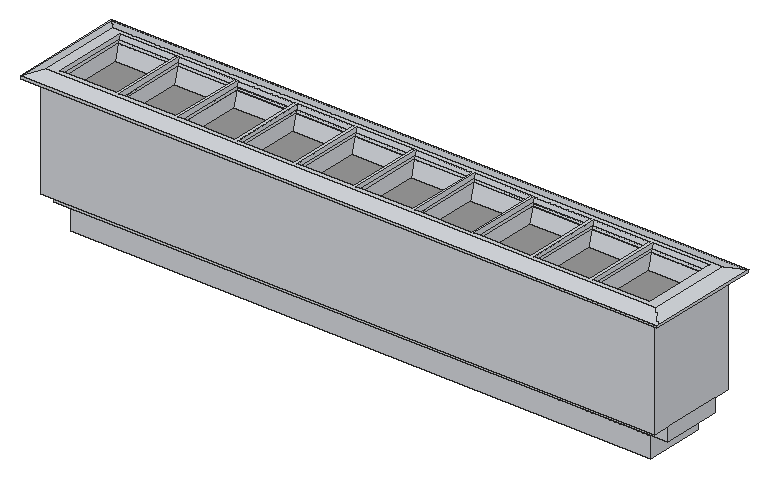
Revit family "2061449 Sylvania Lighting Fixture DOMINO 10xLED 940 BLACK NB TRIM WHITE DALI", category Lighting Fixtures, host Face, Revit 2018
Family settings
  Host = Face
  Round Connector Dimension = Use Diameter
  Part Type = Normal
  OmniClass Number = 23.80.70.00
  OmniClass Title = Lighting
  Cut with Voids When Loaded = No
  Light Source = Yes
  Shared = No
  Room Calculation Point = No
Parameters (values of type "2061449 DOMINO 10XLED 940 BLACK NB TR WHT DALI")
  top top width = 15.812 mm
  top top length = 255 mm
  Width = 50 mm
  Weight = "n/a"
  Wattage Comments = ""
  Wattage = 9.2903 W
  WarrantyStartDate [instance] = "n/a"
  WarrantyGuarantorParts = "n/a"
  WarrantyDurationUnit = "n/a"
  WarrantyDurationParts = ""
  WarrantyDescription = "http://www.sylvania-lighting.com"
  built-in parameter 1150110 = 1 (stored number, unit not read)
  Voltage = 0 V
  URL = "0.96"
  TypeName = "DOMINO 10xLED 940 BLACK NB TRIM WHITE DALI"
  Type Image = <None>
  Type Comments = "n/a"
  built-in parameter 1114217 = 1 (stored number, unit not read)
  Top Width = 26 mm
  Tilt Angle = 90.00°
  built-in parameter 1150109 = 1 (stored number, unit not read)
  built-in parameter 1150134 = 3
  built-in parameter 1150113 = 1 (stored number, unit not read)
  SerialNumber [instance] = "n/a"
  Recessed Width = 43 mm
  Recessed Length = 276 mm
  Photometric Web File = "2061449.ies"
  Material_3_FEILO = none
  PowerFactor = 0
  PowerConsumption = "Lighting"
  NominalLength = 50 mm
  NominalHeight = 0 mm
  NominalDepth = 0 mm
  Name = "DOMINO 10xLED 940 BLACK NB TRIM WHITE DALI"
  ModelReference = Name  # "DOMINO 10xLED 940 BLACK NB TRIM WHITE DALI"
  ModelNumber = "2061449"
  Model = Name  # "DOMINO 10xLED 940 BLACK NB TRIM WHITE DALI"
  Material = "Feilo Sylvania"
  ManufacturerName = "74 lm/W"
  Manufacturer = ""
  LuminousEfficacy = ""
  built-in parameter 1150105 = 109.82 (stored number, unit not read)
  Lumens = 1380 lm
  LuminaireType = "0"
  built-in parameter 1150115 = 1 (stored number, unit not read)
  LightOutputRatio = "LED"
  built-in parameter 1150137 = (empty or 0)
  built-in parameter 1150139 = (empty or 0)
  Lens inside recess = 25 mm
  Lens Width = 32 mm
  Lens Outside recess = 31.978 mm
  Lens = Glass, White, High Luminance
  Length = 280 mm
  LampsType = Lamp  # "n/a"
  LampNominalLuminous = "4000 K"
  LampMacAdamStep = "90"
  LampColourTemperature = "LED"
  LampColourRenderingIndex = "16500"
  built-in parameter 1150112 = 1 (stored number, unit not read)
  built-in parameter 1150114 = 1 (stored number, unit not read)
  Lamp = "n/a"
  Keynote = "n/a"
  InstallationDate [instance] = "n/a"
  InputVoltage = "0"
  InputNominalFrequency = "4000"
  built-in parameter 1150132 = (empty or 0)
  built-in parameter 1150102 = (empty or 0)
  built-in parameter 1150107 = 3200 (stored number, unit not read)
  built-in parameter 1150138 = (empty or 0)
  IngressProtection = "IfcLightFixtureType"
  ImpactProtectionIndex = "IfcLightFixtureType"
  built-in parameter 1150106 = 1.0982 (stored number, unit not read)
  IfcExportType = "IfcLightFixtureType"
  IfcExportAs = "Class II"
  Facia internal width = 37 mm
  Facia internal length = 268 mm
  Facia Height = 2 mm
  ExpectedLife = 50000
  Emit from Circle Diameter = 609.6 mm
  Emit Shape Visible in Rendering = no
  ElectricShockClassification = "74"
  built-in parameter 1150104 = 13.8 (stored number, unit not read)
  DurationUnit = "hours"
  DocumentationLiterature = "http://www.sylvania-lighting.com/product/en-int/products/2061449"
  DimmingControlOptions = "n/a"
  Material_2_FEILO = none
  Dimming Lamp Color Temperature Shift = <None>
  Description = "Modular LED recessed linear spotlight, ideal for retail and hospitality applications. Die-cast aluminium body, passive cooling. Two levels of reflector installation, low glaring UGR<16. 10x LED source, 15° beam angle , optics: PMMA lens and polycarbonate reflector combination, Black matt reflector finish. Light color temperature: 4000K neutral white, total system power: 23W , total fixture lumen output: 1700lm, efficacy: 74 lm/W, Ra90 typical, LED chromacity: 3 step MacAdam ellipse (SDCM3), lifespan: 96,000 hours at 90% of the original output (L90B10), IR/UV free light source without heat radiation, operating voltage: 220-240V / 50-60Hz, electronic driver, ultra low flicker, DALI , electrical protection: Class II. Degree of Protection: IP40/IP20, suitable for indoor environment only. Ceiling cut-out: 43x43mm, outer dimensions:  280x50mm trim frame RAL 9016 - Traffic white / Bezel color.5 years Warranty."
  Default Elevation = 1219.2 mm
  CreatedOn = "11/02/2021"
  CreatedBy = "@sylvania-lighting.com"
  Cost = 0
  Color Filter = 16777215
  built-in parameter 1114216 [instance] = (empty or 0)
  ClassificationValue = "EF_70_80"
  ClassificationName = "Uniclass2015"
  Material_1_FEILO = none
  Body Width = 40 mm
  Body Length = 270 mm
  BarCode [instance] = "n/a"
  built-in parameter 1114218 = 1 (stored number, unit not read)
  built-in parameter 1150133 = 10 (stored number, unit not read)
  AssetType = "Fixed"
  AssetIdentifier [instance] = "n/a"
  Assembly Code = "D5020200"
  Apparent Load = 23 VA
  Material_4_FEILO = none
Reference planes
  plane 1 "Center (Front/Back)": y = 0
  plane 2: z = 0
  plane 3 "Center (Left/Right)": x = 0
  plane 4: z = 0
  plane 5: z = -7
  plane 6: z = -45.895
  plane 7: z = -51.895
  plane 8: z = -60.895
  plane 9: x = -138
  plane 10: x = 138
  plane 11: y = 21.5
  plane 12: y = -21.5
  plane 13: x = -140
  plane 14: x = 140
  plane 15: y = 25
  plane 16: y = -25
  plane 17: x = 134
  plane 18: x = -134
  plane 19: y = 18.5
  plane 20: y = -18.5
  plane 21: z = 2
  plane 22: x = -135
  plane 23: x = 135
  plane 24: y = 20
  plane 25: y = -20
  plane 26: y = 13
  plane 27: y = -13
  plane 28: x = 127.5
  plane 29: x = -127.5
  plane 30: x = -132
  plane 31: y = 16.5
  plane 32: y = -16.472
  plane 33: y = 13
  plane 34: y = -12.972
  plane 35: x = 129.7
  plane 36: x = 127.224
Forms (mm)
  Extrusion 1, solid, not visible, detail levels medium+fine
    sketch origin (4.2, 0, 0) x (1, 0, 0) y (0, 1, 0)
      loop
        line (-29.2, 34.5) -> (-29.2, -34.5) -> (20.8, -34.5) -> (20.8, 34.5) -> (-29.2, 34.5)
    from 0 to 1
  Extrusion 2, solid, not visible, detail levels medium+fine
    sketch origin (4.044, 0, 0) x (1, 0, 0) y (0, 1, 0)
      loop
        line (-29.2, 34.5) -> (-29.2, -34.5) -> (20.8, -34.5) -> (20.8, 34.5) -> (-29.2, 34.5)
    from 0 to 1
  Blend 3, solid, not visible, detail levels medium+fine
    base sketch origin (4.2, 0, 0) x (1, 0, 0) y (0, 1, 0)
      loop
        line (-29.2, 34.5) -> (-29.2, -34.5) -> (20.8, -34.5) -> (20.8, 34.5) -> (-29.2, 34.5)
    top sketch origin (4.2, 0, 0) x (1, 0, 0) y (0, 1, 0)
      loop
        line (-21.7, 28) -> (-21.7, -28) -> (13.3, -28) -> (13.3, 28) -> (-21.7, 28)
    from 1 to 3
  Extrusion 4, solid, not visible, detail levels medium+fine
    sketch origin (3.419, 0, 0) x (1, 0, 0) y (0, 1, 0)
      loop
        line (-29.2, 34.5) -> (-29.2, -34.5) -> (20.8, -34.5) -> (20.8, 34.5) -> (-29.2, 34.5)
    from 0 to 1
  Blend 5, solid, not visible, detail levels medium+fine
    base sketch origin (3.575, 0, 0) x (1, 0, 0) y (0, 1, 0)
      loop
        line (-29.2, 34.5) -> (-29.2, -34.5) -> (20.8, -34.5) -> (20.8, 34.5) -> (-29.2, 34.5)
    top sketch origin (3.575, 0, 0) x (1, 0, 0) y (0, 1, 0)
      loop
        line (-21.7, 28) -> (-21.7, -28) -> (13.3, -28) -> (13.3, 28) -> (-21.7, 28)
    from 1 to 3
  Extrusion 6, solid, not visible, detail levels medium+fine
    sketch origin (4.247, 0, 0) x (1, 0, 0) y (0, 1, 0)
      loop
        line (-29.2, 34.5) -> (-29.2, -34.5) -> (20.8, -34.5) -> (20.8, 34.5) -> (-29.2, 34.5)
    from 0 to 1
  Blend 7, solid, not visible, detail levels medium+fine
    base sketch origin (4.403, 0, 0) x (1, 0, 0) y (0, 1, 0)
      loop
        line (-29.2, 34.5) -> (-29.2, -34.5) -> (20.8, -34.5) -> (20.8, 34.5) -> (-29.2, 34.5)
    top sketch origin (4.403, 0, 0) x (1, 0, 0) y (0, 1, 0)
      loop
        line (-21.7, 28) -> (-21.7, -28) -> (13.3, -28) -> (13.3, 28) -> (-21.7, 28)
    from 1 to 3
  Extrusion 8, void, detail levels medium+fine
    sketch origin (4.2, 0, 0) x (0, 1, 0) y (1, 0, 0)
      loop
        line (21.5, -142.2) -> (21.5, 133.8) -> (-21.5, 133.8) -> (-21.5, -142.2) -> (21.5, -142.2)
    from -9.934 to 83.097
  Extrusion 9, solid, detail levels medium+fine
    sketch origin (4.2, 0, 0) x (1, 0, 0) y (0, 1, 0)
      loop
        line (-144.2, 25) -> (-144.2, -25) -> (135.8, -25) -> (135.8, 25) -> (-144.2, 25)
    from 0 to 1
  Extrusion 10, solid, detail levels medium+fine
    sketch origin (4.2, 0, 0) x (1, 0, 0) y (0, 1, 0)
      loop
        line (-139.2, 20) -> (-139.2, -20) -> (130.8, -20) -> (130.8, 20) -> (-139.2, 20)
    from 0 to -45.895
  Extrusion 11, solid, detail levels medium+fine
    sketch origin (4.2, 0, 0) x (1, 0, 0) y (0, 1, 0)
      loop
        line (-139.2, 13) -> (-139.2, -13) -> (130.8, -13) -> (130.8, 13) -> (-139.2, 13)
    from -51.895 to -45.895
  Extrusion 12, solid, material "Glass, White, High Luminance" <- "Lens", detail levels fine
    sketch origin (-53.155, 1221.106, 36.156) x (1, 0, 0) y (0, 1, 0)
      loop
        line (-76.18, -1206.856) -> (-76.18, -1232.856) -> (-52.18, -1232.856) -> (-52.18, -1206.856) -> (-76.18, -1206.856)
    from -43.156 to -42.182
  Blend 13, solid, detail levels medium+fine
    base sketch origin (4.2, 0, 0) x (1, 0, 0) y (0, 1, 0)
      loop
        line (-144.2, 25) -> (-144.2, -25) -> (135.8, -25) -> (135.8, 25) -> (-144.2, 25)
    top sketch origin (4.2, 0, 0) x (1, 0, 0) y (0, 1, 0)
      loop
        line (-138.2, 18.5) -> (-138.2, -18.5) -> (129.8, -18.5) -> (129.8, 18.5) -> (-138.2, 18.5)
    from 1 to 3
  Extrusion 14, solid, detail levels fine
    sketch origin (0, 0, 0) x (1, 0, 0) y (0, 0, 1)
      loop
        line (-127.5, -51.895) -> (-127.5, -60.895) -> (127.5, -60.895) -> (127.5, -51.895) -> (-127.5, -51.895)
    from -13 to 13
  Blend 15, void
    base sketch origin (-59.8, 0, 0) x (0, 1, 0) y (-1, 0, 0)
      loop
        line (16.5, 69.7) -> (-16.472, 69.7) -> (-16.472, 44.7) -> (16.5, 44.7) -> (16.5, 69.7)
    top sketch origin (-59.8, 0, 0) x (0, 1, 0) y (-1, 0, 0)
      loop
        line (13, 69.2) -> (-12.972, 69.2) -> (-12.972, 45.2) -> (13, 45.2) -> (13, 69.2)
    from 3 to -7
  Blend 16, void
    base sketch origin (18.282, 0, 0) x (0, 1, 0) y (-1, 0, 0)
      loop
        line (16.5, 69.7) -> (-16.472, 69.7) -> (-16.472, 44.7) -> (16.5, 44.7) -> (16.5, 69.7)
    top sketch origin (18.282, 0, 0) x (0, 1, 0) y (-1, 0, 0)
      loop
        line (13, 69.2) -> (-12.972, 69.2) -> (-12.972, 45.2) -> (13, 45.2) -> (13, 69.2)
    from 3 to -7
  Blend 17, void
    base sketch origin (44.284, -0.017, 0) x (0, 1, 0) y (-1, 0, 0)
      loop
        line (16.5, 69.7) -> (-16.472, 69.7) -> (-16.472, 44.7) -> (16.5, 44.7) -> (16.5, 69.7)
    top sketch origin (44.284, -0.017, 0) x (0, 1, 0) y (-1, 0, 0)
      loop
        line (13, 69.2) -> (-12.972, 69.2) -> (-12.972, 45.2) -> (13, 45.2) -> (13, 69.2)
    from 3 to -7
  Blend 18, void
    base sketch origin (70.327, 0, 0) x (0, 1, 0) y (-1, 0, 0)
      loop
        line (16.5, 69.7) -> (-16.472, 69.7) -> (-16.472, 44.7) -> (16.5, 44.7) -> (16.5, 69.7)
    top sketch origin (70.327, 0, 0) x (0, 1, 0) y (-1, 0, 0)
      loop
        line (13, 69.2) -> (-12.972, 69.2) -> (-12.972, 45.2) -> (13, 45.2) -> (13, 69.2)
    from 3 to -7
  Blend 19, void
    base sketch origin (96.351, 0, 0) x (0, 1, 0) y (-1, 0, 0)
      loop
        line (16.5, 69.7) -> (-16.472, 69.7) -> (-16.472, 44.7) -> (16.5, 44.7) -> (16.5, 69.7)
    top sketch origin (96.351, 0, 0) x (0, 1, 0) y (-1, 0, 0)
      loop
        line (13, 69.2) -> (-12.972, 69.2) -> (-12.972, 45.2) -> (13, 45.2) -> (13, 69.2)
    from 3 to -7
  Extrusion 20, solid, material "Glass, White, High Luminance" <- "Lens", detail levels fine
    sketch origin (-29.269, 1219.946, 36.156) x (1, 0, 0) y (0, 1, 0)
      loop
        line (-73.723, -1206.946) -> (-73.723, -1232.946) -> (-49.723, -1232.946) -> (-49.723, -1206.946) -> (-73.723, -1206.946)
    from -43.156 to -42.182
  Extrusion 21, solid, material "Glass, White, High Luminance" <- "Lens", detail levels fine
    sketch origin (-0.613, 1219.733, 36.156) x (1, 0, 0) y (0, 1, 0)
      loop
        line (-76.347, -1206.7) -> (-76.347, -1232.733) -> (-52.347, -1232.733) -> (-52.347, -1206.7) -> (-76.347, -1206.7)
    from -43.156 to -42.182
  Extrusion 22, solid, material "Glass, White, High Luminance" <- "Lens", detail levels fine
    sketch origin (24.387, 1218.509, 36.156) x (1, 0, 0) y (0, 1, 0)
      loop
        line (-75.305, -1205.509) -> (-75.305, -1231.509) -> (-51.305, -1231.509) -> (-51.305, -1205.509) -> (-75.305, -1205.509)
    from -43.156 to -42.182
  Extrusion 23, solid, material "Glass, White, High Luminance" <- "Lens", detail levels fine
    sketch origin (51.187, 1219.547, 36.156) x (1, 0, 0) y (0, 1, 0)
      loop
        line (-76.102, -1206.547) -> (-76.102, -1232.547) -> (-52.102, -1232.547) -> (-52.102, -1206.547) -> (-76.102, -1206.547)
    from -43.156 to -42.182
  Blend 24, void
    base sketch origin (-33.792, 0, 0) x (0, 1, 0) y (-1, 0, 0)
      loop
        line (16.5, 69.7) -> (-16.472, 69.7) -> (-16.472, 44.7) -> (16.5, 44.7) -> (16.5, 69.7)
    top sketch origin (-33.792, 0, 0) x (0, 1, 0) y (-1, 0, 0)
      loop
        line (13, 69.2) -> (-12.972, 69.2) -> (-12.972, 45.2) -> (13, 45.2) -> (13, 69.2)
    from 3 to -7
  Blend 25, void
    base sketch origin (-7.76, 0, 0) x (0, 1, 0) y (-1, 0, 0)
      loop
        line (16.5, 69.7) -> (-16.472, 69.7) -> (-16.472, 44.7) -> (16.5, 44.7) -> (16.5, 69.7)
    top sketch origin (-7.76, 0, 0) x (0, 1, 0) y (-1, 0, 0)
      loop
        line (13, 69.2) -> (-12.972, 69.2) -> (-12.972, 45.2) -> (13, 45.2) -> (13, 69.2)
    from 3 to -7
  Blend 26, void
    base sketch origin (122.411, 0, 0) x (0, 1, 0) y (-1, 0, 0)
      loop
        line (16.5, 69.7) -> (-16.472, 69.7) -> (-16.472, 44.7) -> (16.5, 44.7) -> (16.5, 69.7)
    top sketch origin (122.411, 0, 0) x (0, 1, 0) y (-1, 0, 0)
      loop
        line (13, 69.2) -> (-12.972, 69.2) -> (-12.972, 45.2) -> (13, 45.2) -> (13, 69.2)
    from 3 to -7
  Extrusion 27, solid, material "Glass, White, High Luminance" <- "Lens", detail levels fine
    sketch origin (77.265, 1219.547, 36.156) x (1, 0, 0) y (0, 1, 0)
      loop
        line (-76.102, -1206.547) -> (-76.102, -1232.547) -> (-52.102, -1232.547) -> (-52.102, -1206.547) -> (-76.102, -1206.547)
    from -43.156 to -42.182
  Extrusion 28, solid, material "Glass, White, High Luminance" <- "Lens", detail levels fine
    sketch origin (100.753, 1219.547, 36.156) x (1, 0, 0) y (0, 1, 0)
      loop
        line (-76.102, -1206.547) -> (-76.102, -1232.547) -> (-52.102, -1232.547) -> (-52.102, -1206.547) -> (-76.102, -1206.547)
    from -43.156 to -42.182
  Extrusion 29, solid, material "Glass, White, High Luminance" <- "Lens", detail levels fine
    sketch origin (129.314, 1219.547, 36.156) x (1, 0, 0) y (0, 1, 0)
      loop
        line (-76.102, -1206.547) -> (-76.102, -1232.547) -> (-52.102, -1232.547) -> (-52.102, -1206.547) -> (-76.102, -1206.547)
    from -43.156 to -42.182
  Blend 30, void
    base sketch origin (148.416, 0, 0) x (0, 1, 0) y (-1, 0, 0)
      loop
        line (16.5, 69.7) -> (-16.472, 69.7) -> (-16.472, 44.7) -> (16.5, 44.7) -> (16.5, 69.7)
    top sketch origin (148.416, 0, 0) x (0, 1, 0) y (-1, 0, 0)
      loop
        line (13, 69.2) -> (-12.972, 69.2) -> (-12.972, 45.2) -> (13, 45.2) -> (13, 69.2)
    from 3 to -7
  Extrusion 31, solid, material "Glass, White, High Luminance" <- "Lens", detail levels fine
    sketch origin (155.278, 1219.547, 36.156) x (1, 0, 0) y (0, 1, 0)
      loop
        line (-76.102, -1206.547) -> (-76.102, -1232.547) -> (-52.102, -1232.547) -> (-52.102, -1206.547) -> (-76.102, -1206.547)
    from -43.156 to -42.182
  Blend 32, void
    base sketch origin (174.42, 0, 0) x (0, 1, 0) y (-1, 0, 0)
      loop
        line (16.5, 69.7) -> (-16.472, 69.7) -> (-16.472, 44.7) -> (16.5, 44.7) -> (16.5, 69.7)
    top sketch origin (174.42, 0, 0) x (0, 1, 0) y (-1, 0, 0)
      loop
        line (13, 69.2) -> (-12.972, 69.2) -> (-12.972, 45.2) -> (13, 45.2) -> (13, 69.2)
    from 3 to -7
  Extrusion 33, solid, material "Glass, White, High Luminance" <- "Lens", detail levels fine
    sketch origin (181.434, 1219.547, 36.156) x (1, 0, 0) y (0, 1, 0)
      loop
        line (-76.214, -1206.547) -> (-76.214, -1232.547) -> (-52.214, -1232.547) -> (-52.214, -1206.547) -> (-76.214, -1206.547)
    from -43.156 to -42.182
  Extrusion 34, solid, detail levels coarse
    sketch origin (4.2, 0, 0) x (1, 0, 0) y (0, 1, 0)
      loop
        line (-144.2, 25) -> (-144.2, -25) -> (135.8, -25) -> (135.8, 25) -> (-144.2, 25)
    from -60.895 to 3
Cuts and joins
  Blend 15, Blend 16, Blend 17, Blend 18, Blend 19, Blend 24, Blend 25, Blend 26, Blend 30, Blend 32 cuts Extrusion 9
  Blend 15, Blend 16, Blend 17, Blend 18, Blend 19, Blend 24, Blend 25, Blend 26, Blend 30, Blend 32 cuts Extrusion 10
  Blend 15, Blend 16, Blend 17, Blend 18, Blend 19, Blend 24, Blend 25, Blend 26, Blend 30, Blend 32 cuts Blend 13
  Blend 32 cuts Extrusion 31
Dimensions and locks
  "Recessed Length": plane 9 to plane 10
  equal spacing: plane 9, plane 3 "Center (Left/Right)", plane 10
  "Length": plane 13 to plane 14
  equal spacing: plane 13, plane 3 "Center (Left/Right)", plane 14
  "Recessed Width": plane 11 to plane 12
  equal spacing: plane 11, plane 1 "Center (Front/Back)", plane 12
  "Width": plane 15 to plane 16
  equal spacing: plane 15, plane 1 "Center (Front/Back)", plane 16
  "Facia internal length": plane 18 to plane 17
  equal spacing: plane 18, plane 3 "Center (Left/Right)", plane 17
  "Facia internal width": plane 19 to plane 20
  equal spacing: plane 19, plane 1 "Center (Front/Back)", plane 20
  "Facia Height": plane 21 to host face
  "Body Length": plane 22 to plane 23
  equal spacing: plane 22, plane 3 "Center (Left/Right)", plane 23
  "Body Width": plane 24 to plane 25
  equal spacing: plane 24, plane 1 "Center (Front/Back)", plane 25
  "Top Width": plane 26 to plane 27
  equal spacing: plane 26, plane 1 "Center (Front/Back)", plane 27
  "top top length": plane 29 to plane 28
  equal spacing: plane 29, plane 3 "Center (Left/Right)", plane 28  (x2)
  plane 28 to plane 29 = 255 mm
  equal spacing: plane 28, plane 3 "Center (Left/Right)", plane 29
  aligned and locked: plane 2 to host face
  aligned and locked: level to host face
  aligned and locked: Extrusion 11 to plane 7
  aligned and locked: Extrusion 10 to plane 6
  aligned and locked: Extrusion 12 to plane 5
Automatic sketch dimensions
  Extrusion 1 sketch curve to Extrusion 1 sketch curve = 50 mm
  Extrusion 1 sketch curve to Extrusion 1 sketch curve = 69 mm
  Extrusion 2 sketch curve to Extrusion 2 sketch curve = 50 mm
  Extrusion 2 sketch curve to Extrusion 2 sketch curve = 69 mm
  Blend 3 sketch curve to Blend 3 sketch curve = 50 mm
  Blend 3 sketch curve to Blend 3 sketch curve = 69 mm
  Blend 3 sketch curve to Blend 3 sketch curve = 35 mm
  Blend 3 sketch curve to Blend 3 sketch curve = 56 mm
  Extrusion 4 sketch curve to Extrusion 4 sketch curve = 50 mm
  Extrusion 4 sketch curve to Extrusion 4 sketch curve = 69 mm
  Blend 5 sketch curve to Blend 5 sketch curve = 50 mm
  Blend 5 sketch curve to Blend 5 sketch curve = 69 mm
  Blend 5 sketch curve to Blend 5 sketch curve = 35 mm
  Blend 5 sketch curve to Blend 5 sketch curve = 56 mm
  Extrusion 6 sketch curve to Extrusion 6 sketch curve = 50 mm
  Extrusion 6 sketch curve to Extrusion 6 sketch curve = 69 mm
  Blend 7 sketch curve to Blend 7 sketch curve = 50 mm
  Blend 7 sketch curve to Blend 7 sketch curve = 69 mm
  Blend 7 sketch curve to Blend 7 sketch curve = 35 mm
  Blend 7 sketch curve to Blend 7 sketch curve = 56 mm
  host sketch curve to host sketch curve = 2438.4 mm  (x2)
  Extrusion 8 sketch curve to plane 9 = 0 mm
  Extrusion 8 sketch curve to plane 12 = 0 mm
  Extrusion 8 sketch curve to plane 11 = 0 mm
  Extrusion 8 sketch curve to plane 10 = 0 mm
  Extrusion 9 sketch curve to plane 13 = 0 mm
  Extrusion 9 sketch curve to plane 14 = 0 mm
  Extrusion 9 sketch curve to plane 16 = 0 mm
  Extrusion 9 sketch curve to plane 15 = 0 mm
  Extrusion 10 sketch curve to plane 22 = 0 mm
  Extrusion 10 sketch curve to plane 23 = 0 mm
  Extrusion 10 sketch curve to plane 25 = 0 mm
  Extrusion 10 sketch curve to plane 24 = 0 mm
  Extrusion 11 sketch curve to plane 22 = 0 mm
  Extrusion 11 sketch curve to plane 23 = 0 mm
  Extrusion 11 sketch curve to plane 27 = 0 mm
  plane 26 to Extrusion 11 sketch curve = 0 mm
  plane 27 to Extrusion 12 sketch curve = 1.25 mm
  plane 26 to Extrusion 12 sketch curve = 1.25 mm
  plane 30 to Extrusion 12 sketch curve = 2.665 mm
  Blend 13 sketch curve to plane 13 = 0 mm
  Blend 13 sketch curve to plane 14 = 0 mm
  Blend 13 sketch curve to plane 16 = 0 mm
  Blend 13 sketch curve to plane 15 = 0 mm
  Blend 13 sketch curve to plane 18 = 0 mm
  Blend 13 sketch curve to plane 17 = 0 mm
  Blend 13 sketch curve to plane 20 = 0 mm
  Blend 13 sketch curve to plane 19 = 0 mm
  Extrusion 14 sketch curve to plane 8 = 0 mm
  Extrusion 14 sketch curve to plane 29 = 0 mm
  Extrusion 14 sketch curve to plane 28 = 0 mm
  Extrusion 14 sketch curve to plane 7 = 0 mm
  plane 30 to Blend 15 sketch curve = 2.5 mm
  Blend 15 sketch curve to plane 32 = 0 mm
  Blend 15 sketch curve to plane 31 = 0 mm
  Blend 15 sketch curve to plane 34 = 0 mm
  Blend 15 sketch curve to plane 26 = 0 mm
  plane 30 to Blend 15 sketch curve = 3 mm
  Blend 16 sketch curve to plane 32 = 0 mm
  Blend 16 sketch curve to plane 31 = 0 mm
  Blend 16 sketch curve to plane 34 = 0 mm
  Blend 16 sketch curve to plane 26 = 0 mm
  Blend 17 sketch curve to plane 32 = 0.017 mm
  Blend 17 sketch curve to plane 31 = 0.017 mm
  plane 27 to Blend 17 sketch curve = 0.011 mm
  Blend 17 sketch curve to plane 26 = 0.017 mm
  plane 32 to Blend 18 sketch curve = 0 mm
  plane 31 to Blend 18 sketch curve = 0 mm
  plane 34 to Blend 18 sketch curve = 0 mm
  plane 26 to Blend 18 sketch curve = 0 mm
  Blend 19 sketch curve to plane 32 = 0 mm
  Blend 19 sketch curve to plane 31 = 0 mm
  Blend 19 sketch curve to plane 34 = 0 mm
  Blend 19 sketch curve to plane 26 = 0 mm
  Extrusion 20 sketch curve to plane 27 = 0 mm
  Extrusion 20 sketch curve to plane 26 = 0 mm
  Extrusion 21 sketch curve to plane 27 = 0 mm
  plane 26 to Extrusion 21 sketch curve = 0.033 mm
  Extrusion 22 sketch curve to plane 27 = 0 mm
  Extrusion 22 sketch curve to plane 26 = 0 mm
  Extrusion 23 sketch curve to plane 27 = 0 mm
  Extrusion 23 sketch curve to plane 26 = 0 mm
  Blend 24 sketch curve to plane 32 = 0 mm
  Blend 24 sketch curve to plane 31 = 0 mm
  Blend 24 sketch curve to plane 34 = 0 mm
  Blend 24 sketch curve to plane 26 = 0 mm
  Blend 25 sketch curve to plane 32 = 0 mm
  Blend 25 sketch curve to plane 31 = 0 mm
  Blend 25 sketch curve to plane 34 = 0 mm
  Blend 25 sketch curve to plane 26 = 0 mm
  Blend 26 sketch curve to plane 32 = 0 mm
  Blend 26 sketch curve to plane 31 = 0 mm
  Blend 26 sketch curve to plane 34 = 0 mm
  Blend 26 sketch curve to plane 26 = 0 mm
  Extrusion 27 sketch curve to plane 27 = 0 mm
  Extrusion 27 sketch curve to plane 26 = 0 mm
  Extrusion 28 sketch curve to plane 27 = 0 mm
  Extrusion 28 sketch curve to plane 26 = 0 mm
  Extrusion 29 sketch curve to plane 27 = 0 mm
  Extrusion 29 sketch curve to plane 26 = 0 mm
  Blend 30 sketch curve to plane 32 = 0 mm
  Blend 30 sketch curve to plane 31 = 0 mm
  Blend 30 sketch curve to plane 34 = 0 mm
  Blend 30 sketch curve to plane 26 = 0 mm
  Extrusion 31 sketch curve to plane 27 = 0 mm
  Extrusion 31 sketch curve to plane 26 = 0 mm
  Blend 32 sketch curve to plane 32 = 0 mm
  Blend 32 sketch curve to plane 31 = 0 mm
  plane 28 to Blend 32 sketch curve = 2.22 mm
  Blend 32 sketch curve to plane 34 = 0 mm
  Blend 32 sketch curve to plane 26 = 0 mm
  plane 28 to Blend 32 sketch curve = 1.72 mm
  plane 27 to Extrusion 33 sketch curve = 0 mm
  plane 26 to Extrusion 33 sketch curve = 0 mm
  plane 28 to Extrusion 33 sketch curve = 1.72 mm
  Extrusion 21 sketch curve to Extrusion 21 sketch curve = 24 mm
  Blend 25 sketch curve to Blend 25 sketch curve = 24 mm
  plane 29 to Extrusion 12 sketch curve = 22.165 mm
  plane 29 to Blend 15 sketch curve = 23 mm
  plane 29 to Blend 15 sketch curve = 22.5 mm
  plane 29 to Extrusion 20 sketch curve = 24.508 mm
  Extrusion 20 sketch curve to Extrusion 20 sketch curve = 24 mm
  plane 29 to Blend 24 sketch curve = 49.008 mm
  plane 29 to Blend 24 sketch curve = 24.008 mm
  plane 29 to Blend 24 sketch curve = 48.508 mm
  Blend 24 sketch curve to Blend 24 sketch curve = 24 mm
  Blend 25 sketch curve to Blend 25 sketch curve = 25 mm
  Blend 16 sketch curve to Blend 16 sketch curve = 25 mm
  Blend 16 sketch curve to Blend 16 sketch curve = 24 mm
  plane 29 to Extrusion 21 sketch curve = 50.54 mm
  Extrusion 22 sketch curve to Extrusion 22 sketch curve = 24 mm
  Blend 16 sketch curve to plane 3 "Center (Left/Right)" = 26.418 mm
  Blend 16 sketch curve to plane 3 "Center (Left/Right)" = 26.918 mm
  Blend 17 sketch curve to plane 3 "Center (Left/Right)" = 0.416 mm
  Blend 17 sketch curve to Blend 17 sketch curve = 25 mm
  Blend 17 sketch curve to plane 3 "Center (Left/Right)" = 0.916 mm
  Blend 17 sketch curve to Blend 17 sketch curve = 24 mm
  plane 3 "Center (Left/Right)" to Blend 18 sketch curve = 0.627 mm
  plane 3 "Center (Left/Right)" to Blend 18 sketch curve = 1.127 mm
  Extrusion 22 sketch curve to plane 3 "Center (Left/Right)" = 50.918 mm
  Extrusion 23 sketch curve to plane 3 "Center (Left/Right)" = 24.916 mm
  Extrusion 23 sketch curve to plane 3 "Center (Left/Right)" = 0.916 mm
  Blend 25 sketch curve to plane 3 "Center (Left/Right)" = 52.46 mm
  Blend 25 sketch curve to plane 3 "Center (Left/Right)" = 52.96 mm
  plane 3 "Center (Left/Right)" to Extrusion 27 sketch curve = 1.162 mm
  Blend 18 sketch curve to Blend 18 sketch curve = 25 mm
  Blend 18 sketch curve to Blend 18 sketch curve = 24 mm
  plane 3 "Center (Left/Right)" to Blend 19 sketch curve = 51.651 mm
  Blend 19 sketch curve to Blend 19 sketch curve = 25 mm
  plane 3 "Center (Left/Right)" to Blend 19 sketch curve = 51.151 mm
  Blend 19 sketch curve to Blend 19 sketch curve = 24 mm
  Blend 26 sketch curve to plane 36 = 49.513 mm
  Blend 26 sketch curve to Blend 26 sketch curve = 25 mm
  Blend 26 sketch curve to plane 36 = 50.013 mm
  Blend 26 sketch curve to Blend 26 sketch curve = 24 mm
  Extrusion 27 sketch curve to Extrusion 27 sketch curve = 24 mm
  plane 3 "Center (Left/Right)" to Extrusion 28 sketch curve = 24.651 mm
  Extrusion 28 sketch curve to Extrusion 28 sketch curve = 24 mm
  plane 3 "Center (Left/Right)" to Extrusion 29 sketch curve = 53.211 mm
  Extrusion 29 sketch curve to Extrusion 29 sketch curve = 24 mm
  Blend 30 sketch curve to plane 36 = 23.508 mm
  Blend 30 sketch curve to Blend 30 sketch curve = 25 mm
  Blend 30 sketch curve to plane 36 = 24.008 mm
  Blend 30 sketch curve to Blend 30 sketch curve = 24 mm
  Extrusion 31 sketch curve to plane 36 = 48.048 mm
  Extrusion 31 sketch curve to Extrusion 31 sketch curve = 24 mm
  Blend 32 sketch curve to plane 36 = 22.504 mm
  Blend 32 sketch curve to plane 36 = 22.004 mm
  Extrusion 33 sketch curve to plane 36 = 22.004 mm
  Extrusion 34 sketch curve to plane 13 = 0 mm
  Extrusion 34 sketch curve to plane 14 = 0 mm
  Extrusion 34 sketch curve to plane 16 = 0 mm
  Extrusion 34 sketch curve to plane 15 = 0 mm
Connectors
  electrical at (0, 0, -60.895)
    settings: on Extrusion 14, index 1, voltage 0 V, apparent load 0 VA, apparent load phase1 0 VA, apparent load phase2 0 VA, apparent load phase3 0 VA, power factor 1, load classification "Other", number of poles 1, system type 31, power factor state 1, is connector primary yes, connector utility no, sub classification motor no, connector description ""
